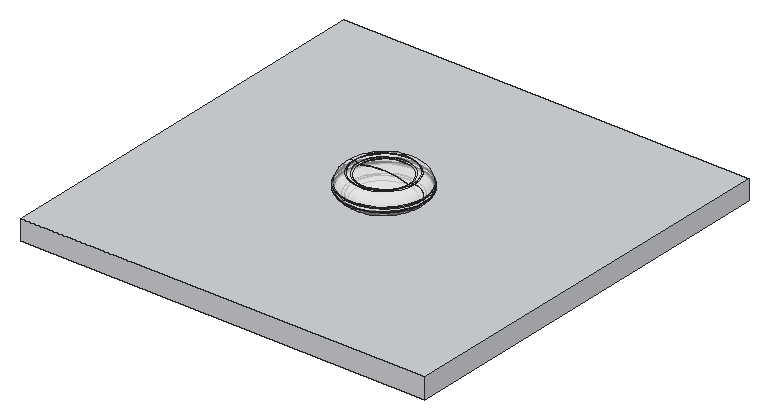
Revit family "Zumtobel AMPHIBIA Round", category Lighting Fixtures, host Face, Revit 2016
Family settings
  Host = Face
  Part Type = Normal
  Round Connector Dimension = Use Diameter
  OmniClass Number = 23.80.70.11
  OmniClass Title = Luminaries for Internal Lighting
  Cut with Voids When Loaded = No
  Light Source = Yes
  Shared = No
  Room Calculation Point = No
Parameters (values of type "AMP RS 3000-840 LDO KST")
  Width = 395 mm  # constant formula
  Wattage Comments = ""
  Wattage = 21.0715 W
  built-in parameter 1150110 = 1 (stored number, unit not read)
  Voltage = 230 V
  URL = "http://www.zumtobel.com/42186498"
  Type Comments = "© Zumtobel. We reserve the right to make technical changes without prior notice."  # constant formula
  built-in parameter 1114217 = 1 (stored number, unit not read)
  Tilt Angle = -90.00°
  built-in parameter 1150109 = 1 (stored number, unit not read)
  built-in parameter 1150134 = 12
  built-in parameter 1150113 = 1 (stored number, unit not read)
  Photometric Web File = "42186498_(STD_LEO).IES"
  Model = "42186498"
  Manufacturer = "Zumtobel Lighting"  # constant formula
  built-in parameter 1150105 = 803.16 (stored number, unit not read)
  Lumens = 3130 lm
  built-in parameter 1150115 = 1 (stored number, unit not read)
  built-in parameter 1150137 = (empty or 0)
  built-in parameter 1150139 = (empty or 0)
  Length = 395 mm  # constant formula
  built-in parameter 1150112 = 1 (stored number, unit not read)
  built-in parameter 1150114 = 1 (stored number, unit not read)
  Lamp = "LED"  # constant formula
  built-in parameter 1150132 = 2
  built-in parameter 1150102 = (empty or 0)
  built-in parameter 1150107 = 4000 (stored number, unit not read)
  built-in parameter 1150138 = (empty or 0)
  built-in parameter 1150106 = 8.0316 (stored number, unit not read)
  Height = 124 mm  # constant formula
  Emit from Circle Diameter = 246.8 mm  # constant formula
  Emit Shape Visible in Rendering = no
  built-in parameter 1150104 = 13.8 (stored number, unit not read)
  Dimming Lamp Color Temperature Shift = <None>
  Description = "Moisture-proof diffuser luminaire"  # constant formula
  Default Elevation = 0 mm
  Cover = Zumtobel_PMMA_Semitransparent_SI
  Color Filter = 16777215
  Body = Zumtobel_PMMA_Semitransparent
  built-in parameter 1114218 = 1 (stored number, unit not read)
  built-in parameter 1150133 = 10 (stored number, unit not read)
  Assembly Code = "D5020210"
  Apparent Load = 24 VA
Reference planes
  plane 1 "Center (Front/Back)": y = 0
  plane 2 "Top": z = 0
  plane 3 "Center (Left/Right)": x = -735.5
  plane 4: x = -735.5
  plane 5: y = 197.5
  plane 6: y = -197.5
  plane 7: x = -933
  plane 8: x = -538
  plane 9: z = 124
Forms (mm)
  Extrusion 1, solid
    sketch origin (123, 0, 0) x (1, 0, 0) y (0, 1, 0)
      loop
        line (-1858.5, 1000) -> (-1858.5, -1000) -> (141.5, -1000) -> (141.5, 1000) -> (-1858.5, 1000)
    from 0 to -100
  Revolve 2, solid, material "Zumtobel_PMMA_Semitransparent" <- "Body", detail levels medium+fine
    sketch origin (0, 0, 0) x (1, 0, 0) y (0, 0, 1)
      loop
        line (-858.854, 105.798) -> (-865.336, 110.239)
        arc (-865.336, 110.239) -> (-873.416, 114.146) -> (-882.29, 115.488) r 30
        line (-882.29, 115.488) -> (-887.072, 115.488)
        arc (-887.072, 115.488) -> (-919.393, 102.192) -> (-933, 70) r 45.93
        line (-933, 70) -> (-938, 70) -> (-938, 65) -> (-933, 65) -> (-933, 50) -> (-938, 50) -> (-938, 45) -> (-933, 45) -> (-928, 45)
        arc (-928, 45) -> (-918.769, 26.425) -> (-900.895, 15.898) r 36.432
        line (-900.895, 15.898) -> (-887.72, 15.898) -> (-871.822, 0) -> (-735.5, 0) -> (-735.5, 124)
        arc (-735.5, 124) -> (-797.845, 119.425) -> (-858.854, 105.798) r 427.085
      axis (-735.5, 124) -> (-735.5, 0)
    angle from 0 to 360
  Extrusion 3, solid, material "Zumtobel_PMMA_Semitransparent" <- "Body", detail levels medium+fine
    sketch origin (0, 0, 0) x (1, 0, 0) y (0, 0, 1)
      loop
        arc (-933, 70) -> (-932.908, 72.504) -> (-932.679, 75) r 45.93
        line (-932.679, 75) -> (-943, 75)
        arc (-943, 75) -> (-946.536, 73.536) -> (-948, 70) r 5
        line (-948, 70) -> (-948, 45)
        arc (-948, 45) -> (-946.536, 41.464) -> (-943, 40) r 5
        line (-943, 40) -> (-926.759, 40)
        arc (-926.759, 40) -> (-927.468, 42.478) -> (-928, 45) r 36.432
        line (-928, 45) -> (-938, 45) -> (-938, 50) -> (-933, 50) -> (-933, 65) -> (-938, 65) -> (-938, 70) -> (-933, 70)
    from -15 to 15
  Extrusion 4, solid, material "Zumtobel_PMMA_Semitransparent" <- "Body", detail levels medium+fine
    sketch origin (0, 0, 0) x (1, 0, 0) y (0, 1, 0)
      loop
        circle (-735.5, 0) r 197.5
    from 45 to 50
Lines and regions (mm)
  symbolic lines, detail levels coarse
    curve 1: circle (-735.5, 0, 0) r 197.5 normal (0, 0, 1)
    curve 2: line (-875.154, 139.654, 0) -> (-595.846, -139.654, 0)
    curve 3: line (-595.846, 139.654, 0) -> (-875.154, -139.654, 0)
Dimensions and locks
  "Length": plane 6 to plane 5
  equal spacing: plane 6, plane 1 "Center (Front/Back)", plane 5
  equal spacing: plane 7, plane 4, plane 8
  "Width": plane 7 to plane 8
  "Height": plane 9 to plane 2 "Top"
  aligned and locked: plane 2 "Top" to Extrusion 1
  aligned and locked: level to Extrusion 1
  aligned and locked: imposter light to plane 1 "Center (Front/Back)"
  aligned and locked: imposter light to plane 3 "Center (Left/Right)"
  aligned and locked: plane 9 to imposter light
Automatic sketch dimensions
  Revolve 2 sketch curve to plane 7 = 0 mm  (x3)
  Revolve 2 sketch curve to level = 0 mm
  plane 3 "Center (Left/Right)" to Revolve 2 sketch curve = 0 mm  (x2)
  Revolve 2 sketch curve to plane 9 = 0 mm
  level to Revolve 2 sketch curve = 15.898 mm
  plane 7 to Revolve 2 sketch curve = 32.105 mm
  Revolve 2 sketch curve to Revolve 2 sketch curve = 13.175 mm
  Revolve 2 sketch curve to plane 9 = 8.512 mm
  plane 7 to Revolve 2 sketch curve = 45.928 mm
  Revolve 2 sketch curve to Revolve 2 sketch curve = 4.782 mm
  Revolve 2 sketch curve to Revolve 2 sketch curve = 15.898 mm
  Revolve 2 sketch curve to plane 9 = 13.761 mm
  Revolve 2 sketch curve to Revolve 2 sketch curve = 16.954 mm
  Revolve 2 sketch curve to plane 9 = 18.202 mm
  Revolve 2 sketch curve to Revolve 2 sketch curve = 6.482 mm
  Revolve 2 sketch curve to Revolve 2 sketch curve = 29.102 mm
  Revolve 2 sketch curve to Revolve 2 sketch curve = 15 mm
  Revolve 2 sketch curve to Revolve 2 sketch curve = 15.93 mm
  Revolve 2 sketch curve to level = 146.801 mm
  Revolve 2 sketch curve to level = 66.801 mm
  Revolve 2 sketch curve to Revolve 2 sketch curve = 5 mm  (x3)
  plane 7 to Revolve 2 sketch curve = 5 mm
  Revolve 2 sketch curve to Revolve 2 sketch curve = 5.037 mm
  Extrusion 1 sketch curve to Extrusion 1 sketch curve = 2000 mm  (x2)
  plane 1 "Center (Front/Back)" to curve 1 = 0 mm
  curve 1 to plane 3 "Center (Left/Right)" = 0 mm
  plane 7 to curve 3 = 57.846 mm
  plane 5 to curve 2 = 57.846 mm
  plane 8 to curve 3 = 57.846 mm
  plane 6 to curve 2 = 57.846 mm
  plane 7 to curve 2 = 57.846 mm
  plane 1 "Center (Front/Back)" to Extrusion 4 sketch curve = 0 mm
  Extrusion 4 sketch curve to plane 3 "Center (Left/Right)" = 0 mm
  Extrusion 3 sketch curve to plane 7 = 0 mm  (x2)
  Extrusion 3 sketch curve to Extrusion 3 sketch curve = 5 mm  (x7)
  plane 7 to Extrusion 3 sketch curve = 5 mm
  Extrusion 3 sketch curve to Extrusion 3 sketch curve = 1.241 mm
  Extrusion 3 sketch curve to Extrusion 3 sketch curve = 5.037 mm
  level to Extrusion 3 sketch curve = 40 mm
  Extrusion 3 sketch curve to Extrusion 3 sketch curve = 0 mm  (x2)
  Extrusion 3 sketch curve to Extrusion 3 sketch curve = 15 mm
  Extrusion 3 sketch curve to Extrusion 3 sketch curve = 18.303 mm
  plane 7 to Extrusion 3 sketch curve = 0.321 mm
  radius of Extrusion 4 sketch curve = 197.5 mm
Connectors
  electrical at (-735.5, 0, 0), driven by "Apparent Load", driven by "Voltage", driven by "Apparent Load"
    settings: index 1, voltage 230 V, apparent load 24 VA, apparent load phase1 24 VA, apparent load phase2 0 VA, apparent load phase3 0 VA, power factor 1, load classification "Lighting", number of poles 1, system type 30, power factor state 1, is connector primary yes, connector utility no, sub classification motor no, connector description "Power"
